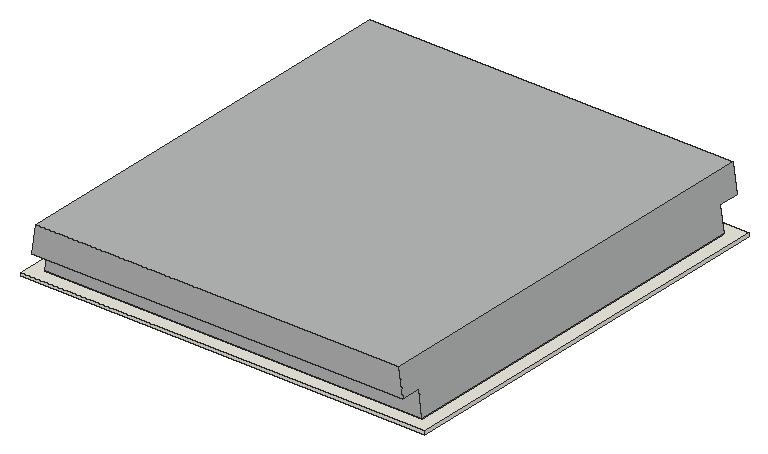
Revit family "OPERLUX", category Осветительные приборы, Revit 2019
Family settings
  Размер круглого соединителя = Использовать диаметр
  Тип детали = Нормальный
  На основе рабочей плоскости = Нет
  Всегда вертикально = Нет
  При загрузке вырезать с полостями = Нет
  Источник света = Да
  Общий = Нет
  Точка расчета площади = Да
Parameters (values of type "CSVT Operlux-50/prisma  (IP20, 4000К, грильято)")
  built-in parameter 1150104 = 13.8 (stored number, unit not read)
  Ширина корпуса = 607 mm
  built-in parameter 1150134 = 12
  Файл фотометрической сетки = "Светильник OPERLUX-50 PRISMA-(595х595).IES"
  Tilt Angle = 90.00°
  built-in parameter 1150137 = (empty or 0)
  built-in parameter 1150132 = 2
  built-in parameter 1150114 = 1 (stored number, unit not read)
  Dimming Lamp Color Temperature Shift = (empty or 0)
  built-in parameter 1150105 = 350.14 (stored number, unit not read)
  Color Filter = 16777215
  Lumens = 4400 lm
  built-in parameter 1150109 = 1 (stored number, unit not read)
  built-in parameter 1150112 = 1 (stored number, unit not read)
  built-in parameter 1150110 = 1 (stored number, unit not read)
  built-in parameter 1150113 = 1 (stored number, unit not read)
  built-in parameter 1150115 = 1 (stored number, unit not read)
  built-in parameter 1114218 = 1 (stored number, unit not read)
  built-in parameter 1114217 = 1 (stored number, unit not read)
  built-in parameter 1150106 = 3.5014 (stored number, unit not read)
  built-in parameter 1150142 = "IESNA:LM-63-95\r\n[TEST] Протокол №87\r\n[DATA] 01.08.2016\r\n[MORE] \r\n[MANUFAC] ЗАО \"Центрстройсвет\"\r\n[LUMCAT]  Светильник OPERLUX-50/PRISMA-(595х595)\r\n[LUMINAIRE]\r\n[LAMPCAT] Светодиоды\r\n[LAMP] Поток источника света (светодиодов) не известен\r\n[MORE] КСС приведена в абсолютных величинах кд\r\n[MORE] Вместо потока лампы, указан поток светильника.\r\nTILT=NONE\r\n1    4360 1.0 37 73 1 2 0.595 0.595 0.08\r\n1.0 1.0 51.1\r\n0.0 5.0 10.0 15.0 20.0 25.0 30.0 35.0 40.0 45.0 50.0 55.0 60.0 65.0 70.0 75.0 80.0 85.0 90.0 95.0 100.0 105.0 110.0 115.0 120.0 125.0 130.0 135.0 140.0 145.0 150.0 155.0 160.0 165.0 170.0 175.0 180.0\r\n0.0 5.0 10.0 15.0 20.0 25.0 30.0 35.0 40.0 45.0 50.0 55.0 60.0 65.0 70.0 75.0 80.0 85.0 90.0 95.0 100.0 105.0 110.0 115.0 120.0 125.0 130.0 135.0 140.0 145.0 150.0 155.0 160.0 165.0 170.0 175.0 180.0 185.0 190.0 195.0 200.0 205.0 210.0 215.0 220.0 225.0 230.0 235.0 240.0 245.0 250.0 255.0 260.0 265.0 270.0 275.0 280.0 285.0 290.0 295.0 300.0 305.0 310.0 315.0 320.0 325.0 330.0 335.0 340.0 345.0 350.0 355.0 360.0\r\n1668.7 1659.6 1629.6 1578.5 1506.9 1424.9 1328.8 1227.3 1103.9 991.5 866.9 745.1 621.0 501.1 379.2 267.2 163.9 67.3 3.7 0.0 0.0 0.0 0.0 0.0 0.0 0.0 0.0 0.0 0.0 0.0 0.0 0.0 0.0 0.0 0.0 0.0 0.0\r\n1668.7 1661.2 1627.4 1575.2 1509.7 1429.4 1327.7 1218.0 1105.0 985.9 869.3 744.6 622.5 498.8 379.1 267.9 162.9 68.6 3.2 0.0 0.0 0.0 0.0 0.0 0.0 0.0 0.0 0.0 0.0 0.0 0.0 0.0 0.0 0.0 0.0 0.0 0.0\r\n1668.7 1662.4 1628.3 1576.3 1510.5 1426.6 1332.1 1220.9 1109.0 994.6 869.0 748.3 623.0 500.7 379.9 267.3 162.3 69.8 3.0 0.0 0.0 0.0 0.0 0.0 0.0 0.0 0.0 0.0 0.0 0.0 0.0 0.0 0.0 0.0 0.0 0.0 0.0\r\n1668.7 1662.8 1628.0 1576.8 1512.4 1425.6 1334.9 1226.3 1114.2 993.5 867.6 746.9 625.4 500.4 379.6 266.7 161.7 69.6 2.9 0.0 0.0 0.0 0.0 0.0 0.0 0.0 0.0 0.0 0.0 0.0 0.0 0.0 0.0 0.0 0.0 0.0 0.0\r\n1668.7 1662.3 1629.5 1578.8 1506.4 1424.5 1327.6 1225.7 1113.2 992.2 870.2 744.3 620.6 498.0 379.5 267.1 162.0 69.0 3.3 0.0 0.0 0.0 0.0 0.0 0.0 0.0 0.0 0.0 0.0 0.0 0.0 0.0 0.0 0.0 0.0 0.0 0.0\r\n1668.7 1661.2 1629.2 1579.0 1511.2 1420.4 1326.5 1221.8 1112.1 991.1 870.4 745.3 620.4 499.7 379.3 267.1 161.7 68.5 3.5 0.0 0.0 0.0 0.0 0.0 0.0 0.0 0.0 0.0 0.0 0.0 0.0 0.0 0.0 0.0 0.0 0.0 0.0\r\n1668.7 1660.7 1629.1 1581.1 1507.8 1424.8 1330.7 1223.9 1112.1 989.2 868.6 742.9 623.2 497.4 380.5 265.6 161.7 67.8 3.9 0.0 0.0 0.0 0.0 0.0 0.0 0.0 0.0 0.0 0.0 0.0 0.0 0.0 0.0 0.0 0.0 0.0 0.0\r\n1668.7 1661.2 1631.6 1579.6 1505.1 1424.2 1331.2 1230.2 1114.2 991.2 870.0 745.9 623.4 499.0 378.9 265.2 161.9 67.5 4.0 0.0 0.0 0.0 0.0 0.0 0.0 0.0 0.0 0.0 0.0 0.0 0.0 0.0 0.0 0.0 0.0 0.0 0.0\r\n1668.7 1661.3 1630.3 1578.5 1510.3 1427.9 1328.6 1225.8 1110.1 989.9 871.4 746.5 622.7 497.3 380.8 263.9 161.9 67.8 3.6 0.0 0.0 0.0 0.0 0.0 0.0 0.0 0.0 0.0 0.0 0.0 0.0 0.0 0.0 0.0 0.0 0.0 0.0\r\n1668.7 1660.6 1628.6 1576.0 1506.0 1429.8 1329.6 1227.0 1109.6 993.6 870.8 745.7 621.0 501.1 379.5 265.7 160.9 68.9 2.9 0.0 0.0 0.0 0.0 0.0 0.0 0.0 0.0 0.0 0.0 0.0 0.0 0.0 0.0 0.0 0.0 0.0 0.0\r\n1668.7 1660.4 1628.5 1575.9 1512.0 1422.7 1328.8 1225.7 1115.5 996.2 875.1 748.0 619.7 498.5 379.9 265.4 159.9 69.2 2.8 0.0 0.0 0.0 0.0 0.0 0.0 0.0 0.0 0.0 0.0 0.0 0.0 0.0 0.0 0.0 0.0 0.0 0.0\r\n1668.7 1661.3 1629.0 1577.3 1514.4 1427.4 1334.2 1228.8 1113.3 993.9 873.5 746.4 624.5 497.9 380.3 265.8 161.1 68.5 3.4 0.0 0.0 0.0 0.0 0.0 0.0 0.0 0.0 0.0 0.0 0.0 0.0 0.0 0.0 0.0 0.0 0.0 0.0\r\n1668.7 1662.6 1627.2 1576.5 1509.8 1428.0 1332.8 1226.9 1112.7 992.9 870.6 748.0 626.4 500.5 380.5 265.5 161.9 67.8 4.2 0.0 0.0 0.0 0.0 0.0 0.0 0.0 0.0 0.0 0.0 0.0 0.0 0.0 0.0 0.0 0.0 0.0 0.0\r\n1668.7 1663.3 1627.2 1581.1 1513.2 1430.3 1333.6 1228.3 1114.5 996.7 872.4 750.0 624.4 501.4 381.7 265.5 162.8 68.1 4.3 0.0 0.0 0.0 0.0 0.0 0.0 0.0 0.0 0.0 0.0 0.0 0.0 0.0 0.0 0.0 0.0 0.0 0.0\r\n1668.7 1662.7 1630.2 1580.7 1513.1 1429.9 1334.6 1234.1 1119.3 997.5 875.3 750.4 626.6 500.7 381.4 267.0 162.7 68.9 4.1 0.0 0.0 0.0 0.0 0.0 0.0 0.0 0.0 0.0 0.0 0.0 0.0 0.0 0.0 0.0 0.0 0.0 0.0\r\n1668.7 1661.4 1630.9 1581.9 1512.1 1431.3 1333.4 1228.5 1120.1 998.8 876.8 752.8 626.7 501.8 383.2 267.3 162.1 70.2 3.9 0.0 0.0 0.0 0.0 0.0 0.0 0.0 0.0 0.0 0.0 0.0 0.0 0.0 0.0 0.0 0.0 0.0 0.0\r\n1668.7 1660.9 1630.4 1580.2 1513.1 1434.1 1338.6 1231.4 1117.0 1001.2 879.5 753.4 628.7 504.0 383.3 269.0 163.0 71.0 3.6 0.0 0.0 0.0 0.0 0.0 0.0 0.0 0.0 0.0 0.0 0.0 0.0 0.0 0.0 0.0 0.0 0.0 0.0\r\n1668.7 1661.4 1632.9 1581.5 1514.4 1429.4 1338.0 1234.4 1118.1 1001.5 880.2 754.5 629.1 505.6 383.3 268.4 163.5 71.1 4.3 0.0 0.0 0.0 0.0 0.0 0.0 0.0 0.0 0.0 0.0 0.0 0.0 0.0 0.0 0.0 0.0 0.0 0.0\r\n1668.7 1662.0 1633.6 1585.1 1515.5 1432.6 1345.5 1233.3 1119.3 1002.3 882.0 757.0 629.5 506.1 384.4 269.0 165.2 71.1 4.8 0.0 0.0 0.0 0.0 0.0 0.0 0.0 0.0 0.0 0.0 0.0 0.0 0.0 0.0 0.0 0.0 0.0 0.0\r\n1668.7 1662.9 1634.5 1583.6 1517.1 1433.6 1338.6 1232.1 1122.0 1004.8 879.5 758.3 630.8 509.2 384.4 270.3 166.1 71.4 5.1 0.0 0.0 0.0 0.0 0.0 0.0 0.0 0.0 0.0 0.0 0.0 0.0 0.0 0.0 0.0 0.0 0.0 0.0\r\n1668.7 1663.3 1634.3 1585.3 1515.9 1429.3 1341.9 1233.6 1121.4 1003.7 883.0 757.4 630.3 507.6 385.6 271.5 165.3 72.6 4.7 0.0 0.0 0.0 0.0 0.0 0.0 0.0 0.0 0.0 0.0 0.0 0.0 0.0 0.0 0.0 0.0 0.0 0.0\r\n1668.7 1662.6 1631.3 1581.3 1518.2 1440.3 1339.1 1231.7 1123.2 1004.3 882.1 755.6 631.9 509.1 386.7 273.0 166.2 74.3 4.4 0.0 0.0 0.0 0.0 0.0 0.0 0.0 0.0 0.0 0.0 0.0 0.0 0.0 0.0 0.0 0.0 0.0 0.0\r\n1668.7 1661.6 1631.6 1584.9 1515.1 1435.2 1345.1 1231.2 1125.1 1005.8 881.5 759.3 633.4 507.7 388.2 274.2 166.7 75.3 4.4 0.0 0.0 0.0 0.0 0.0 0.0 0.0 0.0 0.0 0.0 0.0 0.0 0.0 0.0 0.0 0.0 0.0 0.0\r\n1668.7 1661.3 1629.8 1583.2 1518.0 1436.1 1343.1 1236.5 1124.5 1007.8 885.1 762.0 631.3 508.5 389.6 274.9 167.6 76.6 4.5 0.0 0.0 0.0 0.0 0.0 0.0 0.0 0.0 0.0 0.0 0.0 0.0 0.0 0.0 0.0 0.0 0.0 0.0\r\n1668.7 1661.1 1631.8 1584.3 1520.8 1431.4 1341.9 1236.5 1125.9 1005.6 883.6 759.8 635.7 509.5 389.7 275.2 170.0 76.9 5.2 0.0 0.0 0.0 0.0 0.0 0.0 0.0 0.0 0.0 0.0 0.0 0.0 0.0 0.0 0.0 0.0 0.0 0.0\r\n1668.7 1660.8 1630.9 1584.0 1515.0 1434.2 1337.6 1237.3 1125.4 1008.7 881.4 761.3 636.6 511.6 391.7 275.7 171.1 77.4 6.1 0.0 0.0 0.0 0.0 0.0 0.0 0.0 0.0 0.0 0.0 0.0 0.0 0.0 0.0 0.0 0.0 0.0 0.0\r\n1668.7 1660.2 1629.8 1586.2 1518.6 1437.5 1343.0 1239.8 1126.1 1008.2 885.0 760.6 633.6 512.5 392.7 277.9 172.8 77.8 6.6 0.0 0.0 0.0 0.0 0.0 0.0 0.0 0.0 0.0 0.0 0.0 0.0 0.0 0.0 0.0 0.0 0.0 0.0\r\n1668.7 1659.3 1629.8 1584.4 1520.0 1438.3 1342.3 1237.8 1127.1 1007.7 886.2 762.4 636.5 512.8 393.7 277.8 173.5 79.2 6.6 0.0 0.0 0.0 0.0 0.0 0.0 0.0 0.0 0.0 0.0 0.0 0.0 0.0 0.0 0.0 0.0 0.0 0.0\r\n1668.7 1659.5 1632.5 1582.9 1515.2 1434.5 1343.2 1240.3 1130.5 1008.9 886.6 763.3 639.8 516.7 393.6 280.0 174.3 80.5 6.4 0.0 0.0 0.0 0.0 0.0 0.0 0.0 0.0 0.0 0.0 0.0 0.0 0.0 0.0 0.0 0.0 0.0 0.0\r\n1668.7 1660.6 1633.6 1583.4 1521.9 1437.2 1339.0 1243.0 1126.8 1005.9 885.7 761.7 641.5 514.3 394.8 282.5 175.1 81.9 6.4 0.0 0.0 0.0 0.0 0.0 0.0 0.0 0.0 0.0 0.0 0.0 0.0 0.0 0.0 0.0 0.0 0.0 0.0\r\n1668.7 1661.9 1633.3 1583.1 1518.6 1441.1 1347.9 1241.2 1129.6 1008.1 887.8 763.3 639.7 515.0 394.5 283.1 175.2 83.0 6.6 0.0 0.0 0.0 0.0 0.0 0.0 0.0 0.0 0.0 0.0 0.0 0.0 0.0 0.0 0.0 0.0 0.0 0.0\r\n1668.7 1662.6 1633.8 1583.4 1517.5 1439.9 1346.9 1241.5 1130.6 1011.3 889.6 762.3 641.5 518.0 396.2 283.9 177.7 83.3 7.5 0.0 0.0 0.0 0.0 0.0 0.0 0.0 0.0 0.0 0.0 0.0 0.0 0.0 0.0 0.0 0.0 0.0 0.0\r\n1668.7 1662.6 1630.0 1583.8 1520.2 1440.2 1348.3 1244.1 1128.3 1010.9 888.2 764.5 641.5 519.8 397.5 284.5 178.8 83.2 8.7 0.0 0.0 0.0 0.0 0.0 0.0 0.0 0.0 0.0 0.0 0.0 0.0 0.0 0.0 0.0 0.0 0.0 0.0\r\n1668.7 1661.9 1631.2 1584.4 1518.9 1439.5 1345.4 1242.3 1129.4 1012.6 892.2 766.9 641.9 519.4 398.3 284.8 180.9 83.6 9.7 0.0 0.0 0.0 0.0 0.0 0.0 0.0 0.0 0.0 0.0 0.0 0.0 0.0 0.0 0.0 0.0 0.0 0.0\r\n1668.7 1661.1 1632.0 1581.0 1519.1 1440.1 1350.1 1240.6 1129.2 1009.7 891.6 764.6 642.3 519.8 399.9 285.2 182.1 83.7 10.3 0.0 0.0 0.0 0.0 0.0 0.0 0.0 0.0 0.0 0.0 0.0 0.0 0.0 0.0 0.0 0.0 0.0 0.0\r\n1668.7 1660.5 1631.5 1582.3 1514.8 1437.8 1345.1 1242.3 1131.3 1009.2 889.4 767.8 641.5 521.6 398.4 285.1 181.6 83.3 10.1 0.0 0.0 0.0 0.0 0.0 0.0 0.0 0.0 0.0 0.0 0.0 0.0 0.0 0.0 0.0 0.0 0.0 0.0\r\n1668.7 1659.9 1631.9 1580.6 1517.4 1441.2 1343.3 1236.6 1129.9 1011.1 888.6 766.5 641.0 518.5 398.4 284.8 180.9 83.2 9.4 0.0 0.0 0.0 0.0 0.0 0.0 0.0 0.0 0.0 0.0 0.0 0.0 0.0 0.0 0.0 0.0 0.0 0.0\r\n1668.7 1659.2 1631.0 1583.9 1516.4 1436.4 1344.4 1234.8 1122.9 1010.4 889.9 763.9 642.8 519.5 398.3 285.1 180.1 83.1 8.4 0.0 0.0 0.0 0.0 0.0 0.0 0.0 0.0 0.0 0.0 0.0 0.0 0.0 0.0 0.0 0.0 0.0 0.0\r\n1668.7 1658.8 1630.0 1581.5 1516.1 1439.5 1344.9 1236.0 1129.2 1012.1 888.0 764.5 640.0 517.9 398.2 284.4 178.4 82.8 7.7 0.0 0.0 0.0 0.0 0.0 0.0 0.0 0.0 0.0 0.0 0.0 0.0 0.0 0.0 0.0 0.0 0.0 0.0\r\n1668.7 1658.2 1627.9 1581.5 1522.0 1437.5 1344.1 1236.7 1129.2 1009.5 886.6 765.9 643.0 517.8 399.4 285.0 178.9 83.8 7.5 0.0 0.0 0.0 0.0 0.0 0.0 0.0 0.0 0.0 0.0 0.0 0.0 0.0 0.0 0.0 0.0 0.0 0.0\r\n1668.7 1656.2 1627.9 1581.3 1515.2 1433.6 1344.5 1242.0 1127.7 1010.5 888.1 765.4 642.0 517.4 398.9 284.5 178.2 83.6 7.5 0.0 0.0 0.0 0.0 0.0 0.0 0.0 0.0 0.0 0.0 0.0 0.0 0.0 0.0 0.0 0.0 0.0 0.0\r\n1668.7 1654.2 1626.3 1579.8 1518.5 1437.8 1348.4 1243.3 1129.5 1011.7 889.2 763.0 641.8 518.9 399.0 283.8 178.9 83.7 7.8 0.0 0.0 0.0 0.0 0.0 0.0 0.0 0.0 0.0 0.0 0.0 0.0 0.0 0.0 0.0 0.0 0.0 0.0\r\n1668.7 1654.4 1627.5 1585.2 1518.5 1441.8 1344.2 1236.5 1124.2 1008.1 886.6 766.4 640.3 518.9 398.2 283.2 178.5 83.1 8.0 0.0 0.0 0.0 0.0 0.0 0.0 0.0 0.0 0.0 0.0 0.0 0.0 0.0 0.0 0.0 0.0 0.0 0.0\r\n1668.7 1655.6 1629.5 1583.3 1519.0 1435.4 1345.8 1240.6 1124.7 1007.5 887.5 762.2 642.6 517.4 397.5 282.1 178.5 82.4 7.9 0.0 0.0 0.0 0.0 0.0 0.0 0.0 0.0 0.0 0.0 0.0 0.0 0.0 0.0 0.0 0.0 0.0 0.0\r\n1668.7 1656.2 1629.1 1584.8 1517.3 1437.3 1343.2 1237.3 1123.2 1010.7 887.7 764.4 640.6 518.5 397.0 282.4 177.7 82.4 7.8 0.0 0.0 0.0 0.0 0.0 0.0 0.0 0.0 0.0 0.0 0.0 0.0 0.0 0.0 0.0 0.0 0.0 0.0\r\n1668.7 1656.9 1629.9 1580.4 1522.0 1437.4 1343.8 1240.0 1123.8 1006.0 886.4 764.7 639.8 516.7 398.3 281.7 176.2 81.9 7.7 0.0 0.0 0.0 0.0 0.0 0.0 0.0 0.0 0.0 0.0 0.0 0.0 0.0 0.0 0.0 0.0 0.0 0.0\r\n1668.7 1658.0 1629.7 1580.8 1515.8 1440.3 1344.5 1242.2 1125.3 1007.7 887.4 762.0 640.4 517.1 396.7 282.7 175.2 81.7 7.8 0.0 0.0 0.0 0.0 0.0 0.0 0.0 0.0 0.0 0.0 0.0 0.0 0.0 0.0 0.0 0.0 0.0 0.0\r\n1668.7 1658.3 1628.3 1584.2 1519.0 1435.6 1341.0 1240.8 1123.6 1007.9 888.6 767.0 638.3 516.4 396.2 280.4 174.7 81.2 7.7 0.0 0.0 0.0 0.0 0.0 0.0 0.0 0.0 0.0 0.0 0.0 0.0 0.0 0.0 0.0 0.0 0.0 0.0\r\n1668.7 1658.0 1628.5 1579.9 1515.9 1435.1 1341.0 1239.2 1124.3 1011.8 887.9 763.8 643.3 515.0 395.6 280.7 175.8 80.1 7.7 0.0 0.0 0.0 0.0 0.0 0.0 0.0 0.0 0.0 0.0 0.0 0.0 0.0 0.0 0.0 0.0 0.0 0.0\r\n1668.7 1657.5 1628.1 1579.6 1518.8 1436.1 1340.4 1235.7 1127.5 1007.0 885.1 759.1 638.8 515.0 393.4 278.9 174.5 78.8 7.5 0.0 0.0 0.0 0.0 0.0 0.0 0.0 0.0 0.0 0.0 0.0 0.0 0.0 0.0 0.0 0.0 0.0 0.0\r\n1668.7 1657.0 1625.7 1579.0 1514.0 1433.2 1339.4 1239.2 1125.1 1008.5 884.4 764.4 639.1 515.7 395.3 279.0 174.1 78.0 7.1 0.0 0.0 0.0 0.0 0.0 0.0 0.0 0.0 0.0 0.0 0.0 0.0 0.0 0.0 0.0 0.0 0.0 0.0\r\n1668.7 1656.8 1625.2 1580.6 1513.1 1433.9 1342.3 1235.0 1126.8 1009.8 885.0 762.5 638.9 512.6 393.6 277.5 172.5 77.8 6.6 0.0 0.0 0.0 0.0 0.0 0.0 0.0 0.0 0.0 0.0 0.0 0.0 0.0 0.0 0.0 0.0 0.0 0.0\r\n1668.7 1656.8 1627.8 1580.8 1513.7 1434.0 1335.2 1233.8 1121.4 1003.6 884.8 758.7 637.3 512.3 392.7 278.6 170.9 77.5 6.1 0.0 0.0 0.0 0.0 0.0 0.0 0.0 0.0 0.0 0.0 0.0 0.0 0.0 0.0 0.0 0.0 0.0 0.0\r\n1668.7 1656.8 1629.9 1577.7 1513.8 1429.7 1337.2 1236.1 1122.5 1004.8 883.2 759.4 635.3 513.8 390.9 276.8 170.0 76.4 6.2 0.0 0.0 0.0 0.0 0.0 0.0 0.0 0.0 0.0 0.0 0.0 0.0 0.0 0.0 0.0 0.0 0.0 0.0\r\n1668.7 1656.7 1627.5 1580.0 1511.9 1430.7 1335.1 1234.3 1121.9 1000.4 882.1 758.5 634.2 511.4 390.0 275.2 169.6 74.9 6.3 0.0 0.0 0.0 0.0 0.0 0.0 0.0 0.0 0.0 0.0 0.0 0.0 0.0 0.0 0.0 0.0 0.0 0.0\r\n1668.7 1656.5 1626.1 1578.7 1510.7 1428.4 1336.1 1231.6 1119.3 1002.4 880.3 756.9 630.8 509.4 387.4 274.5 169.3 73.9 6.1 0.0 0.0 0.0 0.0 0.0 0.0 0.0 0.0 0.0 0.0 0.0 0.0 0.0 0.0 0.0 0.0 0.0 0.0\r\n1668.7 1656.9 1624.1 1580.0 1512.5 1431.8 1335.0 1232.8 1114.5 1002.0 879.2 756.5 632.7 509.9 388.3 274.3 168.5 73.9 5.2 0.0 0.0 0.0 0.0 0.0 0.0 0.0 0.0 0.0 0.0 0.0 0.0 0.0 0.0 0.0 0.0 0.0 0.0\r\n1668.7 1657.4 1627.3 1577.5 1510.5 1428.0 1332.2 1231.2 1119.0 996.8 878.1 754.9 631.3 509.5 386.3 273.5 167.4 73.9 4.4 0.0 0.0 0.0 0.0 0.0 0.0 0.0 0.0 0.0 0.0 0.0 0.0 0.0 0.0 0.0 0.0 0.0 0.0\r\n1668.7 1656.8 1624.9 1575.0 1510.9 1425.4 1341.0 1231.7 1112.8 998.9 876.4 756.1 630.3 506.5 387.6 272.4 166.6 73.7 3.9 0.0 0.0 0.0 0.0 0.0 0.0 0.0 0.0 0.0 0.0 0.0 0.0 0.0 0.0 0.0 0.0 0.0 0.0\r\n1668.7 1655.8 1625.5 1580.8 1509.5 1427.9 1329.8 1230.8 1113.9 997.0 874.1 755.5 630.5 505.8 386.3 271.1 165.5 73.5 3.5 0.0 0.0 0.0 0.0 0.0 0.0 0.0 0.0 0.0 0.0 0.0 0.0 0.0 0.0 0.0 0.0 0.0 0.0\r\n1668.7 1656.1 1623.0 1574.0 1511.3 1429.9 1329.1 1228.2 1114.2 1000.1 875.4 750.0 628.4 506.5 385.2 270.5 165.5 72.6 3.7 0.0 0.0 0.0 0.0 0.0 0.0 0.0 0.0 0.0 0.0 0.0 0.0 0.0 0.0 0.0 0.0 0.0 0.0\r\n1668.7 1656.9 1622.4 1577.6 1509.1 1425.1 1334.0 1226.9 1113.2 993.4 874.4 751.8 626.8 504.9 383.8 270.3 165.2 71.7 3.7 0.0 0.0 0.0 0.0 0.0 0.0 0.0 0.0 0.0 0.0 0.0 0.0 0.0 0.0 0.0 0.0 0.0 0.0\r\n1668.7 1657.2 1623.8 1573.4 1509.9 1426.8 1331.5 1226.4 1115.4 997.4 876.1 749.4 624.5 503.0 383.8 268.8 164.8 70.5 3.8 0.0 0.0 0.0 0.0 0.0 0.0 0.0 0.0 0.0 0.0 0.0 0.0 0.0 0.0 0.0 0.0 0.0 0.0\r\n1668.7 1657.1 1623.9 1576.3 1508.3 1422.8 1331.0 1223.5 1111.1 993.9 873.1 748.4 624.8 501.7 382.2 268.4 163.8 70.0 3.4 0.0 0.0 0.0 0.0 0.0 0.0 0.0 0.0 0.0 0.0 0.0 0.0 0.0 0.0 0.0 0.0 0.0 0.0\r\n1668.7 1657.0 1623.0 1575.4 1509.9 1424.6 1327.4 1223.7 1110.2 991.6 867.9 747.3 621.9 501.1 382.3 267.9 163.9 70.1 2.9 0.0 0.0 0.0 0.0 0.0 0.0 0.0 0.0 0.0 0.0 0.0 0.0 0.0 0.0 0.0 0.0 0.0 0.0\r\n1668.7 1656.6 1625.1 1575.3 1504.9 1426.3 1331.8 1226.1 1114.0 992.9 868.4 743.8 622.4 501.4 380.5 268.5 162.3 70.1 2.3 0.0 0.0 0.0 0.0 0.0 0.0 0.0 0.0 0.0 0.0 0.0 0.0 0.0 0.0 0.0 0.0 0.0 0.0\r\n1668.7 1656.6 1626.1 1575.6 1504.6 1423.4 1325.1 1217.7 1110.8 992.0 869.7 744.9 622.1 498.7 379.6 266.8 161.5 69.8 2.1 0.0 0.0 0.0 0.0 0.0 0.0 0.0 0.0 0.0 0.0 0.0 0.0 0.0 0.0 0.0 0.0 0.0 0.0\r\n1668.7 1657.3 1627.5 1573.3 1509.3 1423.6 1329.5 1220.0 1107.8 992.0 870.1 744.3 623.3 498.1 378.6 266.8 161.6 69.0 2.5 0.0 0.0 0.0 0.0 0.0 0.0 0.0 0.0 0.0 0.0 0.0 0.0 0.0 0.0 0.0 0.0 0.0 0.0\r\n1668.7 1658.4 1625.7 1573.2 1504.9 1428.5 1325.0 1222.6 1105.0 990.6 867.2 742.8 618.6 497.5 379.6 266.3 162.1 68.1 3.0 0.0 0.0 0.0 0.0 0.0 0.0 0.0 0.0 0.0 0.0 0.0 0.0 0.0 0.0 0.0 0.0 0.0 0.0\r\n1668.7 1659.3 1624.8 1578.5 1504.1 1419.4 1331.2 1218.6 1102.9 988.4 864.2 740.2 617.2 498.2 377.7 265.6 162.3 66.9 3.4 0.0 0.0 0.0 0.0 0.0 0.0 0.0 0.0 0.0 0.0 0.0 0.0 0.0 0.0 0.0 0.0 0.0 0.0\r\n1668.7 1659.3 1625.5 1576.3 1507.4 1423.9 1326.0 1220.1 1107.7 988.1 868.5 741.8 618.9 498.1 376.8 265.2 162.8 66.1 3.7 0.0 0.0 0.0 0.0 0.0 0.0 0.0 0.0 0.0 0.0 0.0 0.0 0.0 0.0 0.0 0.0 0.0 0.0\r\n1668.7 1659.0 1626.8 1576.9 1509.5 1426.9 1322.3 1223.2 1109.3 991.4 866.9 742.6 618.9 498.0 376.9 265.0 163.5 66.5 3.9 0.0 0.0 0.0 0.0 0.0 0.0 0.0 0.0 0.0 0.0 0.0 0.0 0.0 0.0 0.0 0.0 0.0 0.0\r\n1668.7 1659.6 1629.6 1578.5 1506.9 1424.9 1328.8 1227.3 1103.9 991.5 866.9 745.1 621.0 501.1 379.2 267.2 163.9 67.3 3.7 0.0 0.0 0.0 0.0 0.0 0.0 0.0 0.0 0.0 0.0 0.0 0.0 0.0 0.0 0.0 0.0 0.0 0.0\r\n"
  built-in parameter 1150133 = 10 (stored number, unit not read)
  Wattage = 29.6213 W
  Материал коробки = RAL 9006
  built-in parameter 1150139 = (empty or 0)
  built-in parameter 1150138 = (empty or 0)
  built-in parameter 1150107 = 4000 (stored number, unit not read)
  built-in parameter 1150102 = (empty or 0)
  Emit from Rectangle Width = Ширина - 40 mm  # 548 mm
  Emit from Rectangle Length = Длина - 40 mm  # 548 mm
  Длина = 588 mm
  УГО [instance] = yes
  Description = ""
  Материал светильника = RAL 9001
  Материал стекла = RAL светящийся
  Type Comments = ""
  Изготовитель = "ЗАО «Центрстройсвет»"
  Ширина = 588 mm
  Высота = 80 mm
  Видимая форма излучения при визуализации = yes
  URL = "http://csvt.ru/"
  ADSK_Ток = ADSK_Номинальная мощность / (ADSK_Коэффициент мощности * ADSK_Напряжение * sqrt(ADSK_Количество фаз числовое))  # 0.226843 A
  ADSK_Примечание = ""
  ADSK_Полная мощность = ADSK_Номинальная мощность / ADSK_Коэффициент мощности  # 52.1739 VA
  ADSK_Обозначение = "CSVT Operlux-50/prisma  (IP20, 4000К, грильято)"
  ADSK_Номинальная мощность = 48 W
  ADSK_Напряжение = 230 V
  ADSK_Наименование = "Встраиваемый светодиодный светильник CSVT Operlux-50/prisma  (IP20, 4000К, грильято)"
  ADSK_Масса = 4.2
  ADSK_Коэффициент мощности = 0.92
  ADSK_Количество фаз числовое = 1
  ADSK_Количество фаз = 1
  ADSK_Код изделия = "ЦБ000008093"
  ADSK_Классификация нагрузок = Прочее
  ADSK_Завод-изготовитель = "ЗАО «Центрстройсвет»"
  ADSK_Единица измерения = "шт."
Reference planes
  plane 1 "По центру (Вперед/Назад)": y = 0
  plane 2: z = 0
  plane 3 "По центру (Влево/Вправо)": x = 0
  plane 4: x = -294
  plane 5: x = 294
  plane 6: z = 80
  plane 7: y = -294
  plane 8: z = 40
  plane 9: y = 294
  plane 10: y = -274
  plane 11: y = 274
  plane 12: x = 274
  plane 13: x = -274
  plane 14: z = 3
  plane 15: z = -2
  plane 16: y = -264
  plane 17: x = 264
  plane 18: x = -264
  plane 19: y = 264
  plane 20: z = -1
  plane 21: y = -303.5
  plane 22: y = 303.5
  plane 23: x = 303.5
  plane 24: x = -303.5
Forms (mm)
  Extrusion 1, solid, material "RAL 9001" <- "Материал светильника", detail levels medium+fine
    sketch origin (0, 0, 0) x (1, 0, 0) y (0, 1, 0)
      loop
        line (-294, -294) -> (294, -294) -> (294, 294) -> (-294, 294) -> (-294, -294)
      loop
        line (-274, 274) -> (-274, -274) -> (274, -274) -> (274, 274) -> (-274, 274)
    from -2 to 3
  Extrusion 2, solid, material "RAL светящийся" <- "Материал стекла", detail levels medium+fine
    sketch origin (0, 0, 0) x (1, 0, 0) y (0, 1, 0)
      loop
        line (-274, 274) -> (-274, -274) -> (274, -274) -> (274, 274) -> (-274, 274)
    from -1 to 3
  Extrusion 3, solid, material "RAL 9006" <- "Материал коробки", detail levels medium+fine
    sketch origin (0, 0, 0) x (0, 1, 0) y (0, 0, 1)
      loop
        line (303.5, 80) -> (-303.5, 80) -> (-303.5, 40) -> (-274, 40) -> (-274, 3) -> (274, 3) -> (274, 40) -> (303.5, 40) -> (303.5, 80)
    from -274 to 274
  Extrusion 4, void
    sketch origin (0, 0, 0) x (1, 0, 0) y (0, 0, 1)
      loop
        line (-274, 3) -> (-264, 80) -> (-274, 80) -> (-274, 3)
      loop
        line (274, 3) -> (274, 80) -> (264, 80) -> (274, 3)
    from -303.5 to 303.5
Cuts and joins
  Extrusion 4 cuts Extrusion 3
Dimensions and locks
  equal spacing: plane 4, plane 3 "По центру (Влево/Вправо)", plane 5
  "Длина": plane 4 to plane 5
  equal spacing: plane 6, plane 8, plane 2
  equal spacing: plane 9, plane 1 "По центру (Вперед/Назад)", plane 7
  "Ширина": plane 9 to plane 7
  "Высота": plane 6 to plane 2
  locked: plane 10 to plane 7 at 20
  locked: plane 11 to plane 9 at 20
  locked: plane 4 to plane 13 at 20
  locked: plane 12 to plane 5 at 20
  locked: plane 14 to plane 2 at 3
  locked: plane 2 to plane 15 at 2
  locked: plane 19 to plane 11 at 10
  locked: plane 16 to plane 10 at 10
  locked: plane 13 to plane 18 at 10
  locked: plane 17 to plane 12 at 10
  locked: level to plane 20 at 1
  equal spacing: plane 22, plane 1 "По центру (Вперед/Назад)", plane 21
  "Ширина корпуса": plane 22 to plane 21
  equal spacing: plane 24, plane 3 "По центру (Влево/Вправо)", plane 23
  "Ширина корпуса": plane 24 to plane 23
  Extrusion 3 sketch curve to level = 3 mm
  aligned and locked: level to plane 2
  aligned and locked: plane 15 to imposter light
  aligned and locked: plane 4 to Extrusion 1 sketch curve
  aligned and locked: plane 9 to Extrusion 1 sketch curve
  aligned and locked: plane 5 to Extrusion 1 sketch curve
  aligned and locked: plane 7 to Extrusion 1 sketch curve
  aligned and locked: Extrusion 1 to plane 15
  aligned and locked: plane 11 to Extrusion 1 sketch curve
  aligned and locked: plane 13 to Extrusion 1 sketch curve
  aligned and locked: plane 10 to Extrusion 1 sketch curve
  aligned and locked: plane 12 to Extrusion 1 sketch curve
  aligned and locked: Extrusion 2 sketch curve to Extrusion 1  (x4)
  aligned and locked: plane 14 to Extrusion 2
  aligned and locked: Extrusion 2 to plane 20
  aligned and locked: plane 6 to Extrusion 3 sketch curve
  aligned and locked: Extrusion 3 sketch curve to plane 8
  aligned and locked: Extrusion 3 sketch curve to plane 21
  aligned and locked: plane 22 to Extrusion 3 sketch curve
  aligned and locked: Extrusion 3 sketch curve to Extrusion 1
  aligned and locked: plane 14 to Extrusion 3 sketch curve
  aligned and locked: plane 10 to Extrusion 3 sketch curve
  aligned and locked: Extrusion 3 to plane 13
  aligned and locked: Extrusion 3 to plane 12
  aligned and locked: Extrusion 4 to plane 22
  aligned and locked: Extrusion 4 to plane 21
Automatic sketch dimensions
  Extrusion 3 sketch curve to plane 8 = 0 mm
  Extrusion 4 sketch curve to plane 13 = 0 mm
  Extrusion 4 sketch curve to plane 6 = 0 mm  (x2)
  Extrusion 4 sketch curve to plane 18 = 0 mm
  plane 17 to Extrusion 4 sketch curve = 0 mm
  plane 12 to Extrusion 4 sketch curve = 0 mm
  Extrusion 4 sketch curve to plane 14 = 0 mm  (x2)
Nested families
  nested 1: "УГО светильник светодиодный" at (0, 0, 0), type "УГО светильник прямоугольный"
Connectors
  electrical at (0, 0, 80), driven by "ADSK_Количество фаз", driven by "ADSK_Классификация нагрузок", driven by "ADSK_Напряжение", driven by "ADSK_Полная мощность", driven by "ADSK_Коэффициент мощности"
    settings: on cut or joined group of Extrusion 3, Extrusion 4, index 1, voltage 230 V, apparent load 0 VA, apparent load phase1 52.1739 VA, apparent load phase2 0 VA, apparent load phase3 0 VA, power factor 0.92, load classification "Прочее", number of poles 1, system type 31, power factor state 1, is connector primary yes, connector utility no, sub classification motor no, connector description ""
Definition of nested family "УГО светильник светодиодный"
  Parameters
    Длина = 1000 mm
    Ширина = 500 mm
  Reference planes
    plane 1 "По центру (Вперед/Назад)": y = 0
    plane 2: z = 0
    plane 3 "По центру (Влево/Вправо)": x = 0
    plane 4: x = -500
    plane 5: y = 250
    plane 6: x = 500
    plane 7: y = -250
    plane 8: x = -333.333
    plane 9: x = -166.667
    plane 10: x = 333.333
    plane 11: x = 166.667
  Lines and regions (mm)
    model lines, detail levels coarse
      curve 1: line (-500, 250, 0) -> (500, 250, 0)
      curve 2: line (-500, -250, 0) -> (-500, 250, 0)
      curve 3: line (500, -250, 0) -> (-500, -250, 0)
      curve 4: line (500, 250, 0) -> (500, -250, 0)
      curve 5: line (333.333, -250, 0) -> (333.333, 250, 0)
      curve 6: line (-333.333, -250, 0) -> (-333.333, 250, 0)
  Dimensions and locks
    equal spacing: plane 7, plane 1 "По центру (Вперед/Назад)", plane 5
    "Ширина": plane 7 to plane 5
    equal spacing: plane 4, plane 3 "По центру (Влево/Вправо)", plane 6
    "Длина": plane 4 to plane 6
    equal spacing: plane 4, plane 9, plane 11, plane 6
    equal spacing: plane 4, plane 8, plane 9
    equal spacing: plane 11, plane 10, plane 6
    aligned and locked: level to plane 2
    aligned and locked: curve 1 to plane 5
    aligned and locked: plane 4 to curve 2
    aligned and locked: curve 3 to plane 7
    aligned and locked: plane 6 to curve 4
    aligned and locked: curve 5 to plane 10
    aligned and locked: plane 8 to curve 6
